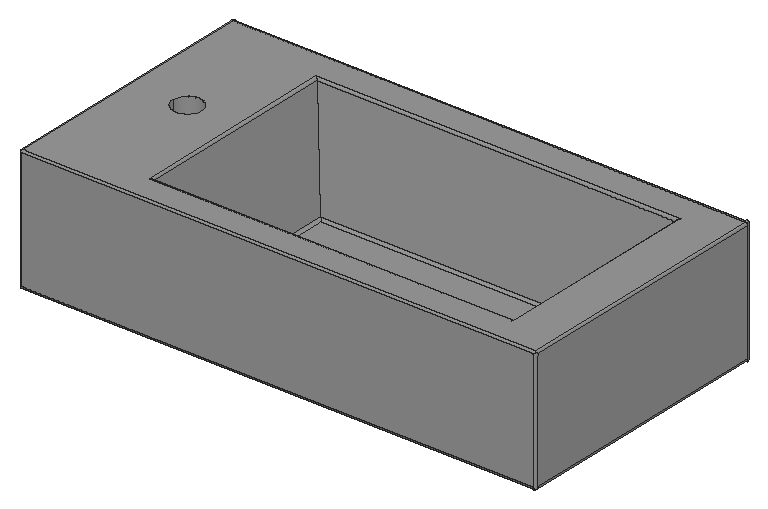
Revit family "Tugela-Basin", category Generic Models, Revit 2020
Family settings
  Can host rebar = No
  Round Connector Dimension = Use Diameter
  Part Type = Normal
  Work Plane-Based = No
  Always vertical = Yes
  Cut with Voids When Loaded = No
  Shared = No
  Room Calculation Point = No
Parameters
  Default Elevation = 0 mm
Reference planes
  plane 1 "Center (Front/Back)": y = 0
  plane 2: z = 0
  plane 3 "Center (Left/Right)": x = 0
Forms (mm)
  Extrusion 1, solid, material "ceramic white"
    sketch origin (0, 0, 0) x (1, 0, 0) y (0, 1, 0)
      loop
        arc (-256.822, 117.835) -> (-258.236, 117.249) -> (-258.822, 115.835) r 2
        line (-258.822, 115.835) -> (-258.822, -117.662)
        arc (-258.822, -117.662) -> (-258.236, -119.076) -> (-256.822, -119.662) r 2
        line (-256.822, -119.662) -> (198.825, -119.662)
        arc (198.825, -119.662) -> (200.239, -119.076) -> (200.825, -117.662) r 2
        line (200.825, -117.662) -> (200.825, 114.835)
        arc (200.825, 114.835) -> (199.946, 116.956) -> (197.825, 117.835) r 3
        line (197.825, 117.835) -> (-256.822, 117.835)
      loop
        circle (-206.927, 2.424) r 12.943
    from 0 to 110
  Sweep 2, void
    path origin (0, 0, 0) x (1, 0, 0) y (0, 1, 0)
      loop
        line (-145.189, 72.893) -> (-145.189, -76.913) -> (143.095, -76.913) -> (143.095, 72.893) -> (-145.189, 72.893)
    profile origin (-1.047, 72.893, 0) x (0, 1, 0) y (0, 0, 1)
      loop
        line (0.334, 12.109) -> (15.526, 108.027)
        arc (15.526, 108.027) -> (16.317, 109.44) -> (17.836, 110) r 2.338
        line (17.836, 110) -> (20.128, 110) -> (20.128, 112.394) -> (-34.162, 112.394) -> (-34.162, 10) -> (-2.135, 10)
        arc (-2.135, 10) -> (-0.512, 10.599) -> (0.334, 12.109) r 2.5
  Extrusion 3, void
    sketch origin (0, 0, 0) x (1, 0, 0) y (0, 1, 0)
      loop
        line (-111.028, 38.731) -> (-111.028, -42.751) -> (108.933, -42.751) -> (108.933, 38.731) -> (-111.028, 38.731)
    from 10 to 131.958
  Extrusion 4, void
    sketch origin (0, 0, 0) x (1, 0, 0) y (0, 1, 0)
      loop
        circle (0, 0) r 17.963
    from -90.791 to 250
  Sweep 5, void
    path origin (0, 0, 0) x (1, 0, 0) y (0, 1, 0)
      loop
        line (197.825, 117.835) -> (-258.822, 117.835) -> (-258.822, -119.662) -> (200.825, -119.662) -> (200.825, 114.835)
    profile origin (200.825, -2.414, 0) x (-1, 0, 0) y (0, 0, 1)
      loop
        line (0, 0) -> (2, 0)
        arc (2, 0) -> (0.586, 0.586) -> (0, 2) r 2
        line (0, 2) -> (0, 0)
      loop
        line (0, 110) -> (0, 108)
        arc (0, 108) -> (0.586, 109.414) -> (2, 110) r 2
        line (2, 110) -> (0, 110)
Cuts and joins
  Sweep 2, Extrusion 3, Extrusion 4, Sweep 5 cuts Extrusion 1
Dimensions and locks
  aligned and locked: level to plane 2
